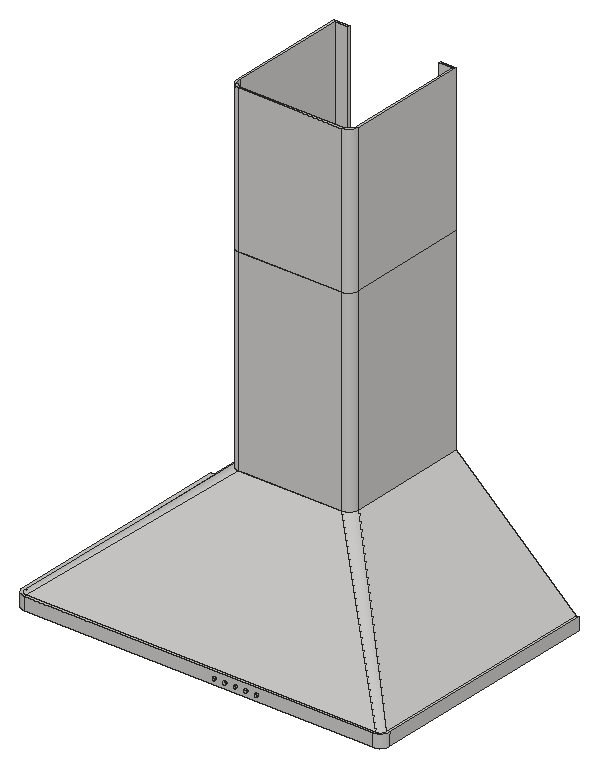
Revit family "Qf_Summit_SEH3630SS_30 inches Wide Wall-Mounted Range Hood", category Specialty Equipment, Revit 2020
Family settings
  Round Connector Dimension = Use Diameter
  Part Type = Normal
  Work Plane-Based = No
  Always vertical = Yes
  Cut with Voids When Loaded = No
  Shared = No
  Room Calculation Point = No
Parameters
  Weight in Pounds = 47
  Watts = FL Amps * Volts  # 299 W
  Volts = 115 V
  Ventilation Remarks = ""
  URL Cutsheet = ""
  Specification by User = ""
  Specification by Manufacturer = ""
  Show Clearance [instance] = yes
  Show Casters [instance] = yes
  Serial Number = ""
  Seismic Rating = ""
  SMACNA No = ""
  Revision Code = ""
  Phase = 1
  Number of Poles = 1
  NAFEM Spec ID Number = ""
  Model = "SEH3630SS"
  Min Ckt Ampacity = 0 A
  Max Overcurrent Protection = 0 A
  Masterspec = ""
  Manufacturer = "Summit"
  Length = 29 1/2"
  Item Number = ""
  Installed By = ""
  Identify Quantity as Lot = yes
  Height = 37"
  HP = ""
  Furnished By = ""
  Foodservice Equipment Identifier = yes
  FL Amps = 2.6 A
  Exhaust Volume = 200 CFM
  Exhaust Vent Width = 9 3/4"
  Exhaust Vent Diameter = 0"
  Exhaust Vent Depth = 10 1/2"
  Exhaust Static Press = 0.00 in-wg
  Exhaust RI Height = 0"
  Electrical Remarks = ""
  Electric Connection Type = ""
  Elec Conn RI Height = 0"
  Elec Conn Connection Height = 0"
  Description = "30\" Wide Wall-Mounted Range Hood"
  Depth = 19 11/16"
  Default Elevation = 0"
  Cycle = 60 Hz
  Conn Plug = ""
  Conn Conduit = yes
  CSI MasterFormat = ""
  Base Height [instance] = 3/4"
  Apparent Power = 828 VA
Reference planes (in)
  plane 1: z = 0
  plane 2 "LEFT": x = 0
  plane 3 "RIGHT": x = 29.5
  plane 4 "FRONT": y = -20.4375
  plane 5 "TOP": z = 37
  plane 6 "Center Y": x = 14.75
  plane 7 "Center X": y = -10.59375
  plane 8 "BACK": y = -0.75
  plane 9: z = 25.25
  plane 10: z = 9.5
  plane 11: y = -11.25
  plane 12: x = 9.875
  plane 13: x = 19.625
  plane 14: z = 1
Forms (in)
  Extrusion 1, solid, material "QF_Metal_Stainless_Polished"
    sketch origin (0, 0, 0) x (1, 0, 0) y (0, 1, 0)
      loop
        line (9.875, -0.75) -> (9.875, -10.5)
        arc (9.875, -10.5) -> (10.09467, -11.03033) -> (10.625, -11.25) r 0.75
        line (10.625, -11.25) -> (18.875, -11.25)
        arc (18.875, -11.25) -> (19.40533, -11.03033) -> (19.625, -10.5) r 0.75
        line (19.625, -10.5) -> (19.625, -0.75) -> (18.39649, -0.75) -> (18.39649, -0.875) -> (19.5, -0.875) -> (19.5, -10.375)
        arc (19.5, -10.375) -> (19.28033, -10.90533) -> (18.75, -11.125) r 0.75
        line (18.75, -11.125) -> (10.75, -11.125)
        arc (10.75, -11.125) -> (10.21967, -10.90533) -> (10, -10.375) r 0.75
        line (10, -10.375) -> (10, -0.875) -> (11.10351, -0.875) -> (11.10351, -0.75) -> (9.875, -0.75)
    from 25.25 to 37
  Extrusion 2, solid, material "QF_Metal_Stainless_Polished"
    sketch origin (0, 0, 51) x (0, -1, 0) y (1, 0, 0)
      loop
        line (0.75, 9.875) -> (10.5, 9.875)
        arc (10.5, 9.875) -> (11.03033, 10.09467) -> (11.25, 10.625) r 0.75
        line (11.25, 10.625) -> (11.25, 18.875)
        arc (11.25, 18.875) -> (11.03033, 19.40533) -> (10.5, 19.625) r 0.75
        line (10.5, 19.625) -> (0.75, 19.625) -> (0.75, 9.875)
    from -41.5 to -25.75
  Blend 3, solid, material "QF_Metal_Stainless_Polished"
    base sketch origin (0, 0, 0) x (1, 0, 0) y (0, 1, 0)
      loop
        line (0.25, -0.75) -> (0.25, -19.6875)
        arc (0.25, -19.6875) -> (0.39645, -20.04105) -> (0.75, -20.1875) r 0.5
        line (0.75, -20.1875) -> (28.75, -20.1875)
        arc (28.75, -20.1875) -> (29.10355, -20.04105) -> (29.25, -19.6875) r 0.5
        line (29.25, -19.6875) -> (29.25, -0.75) -> (0.25, -0.75)
    top sketch origin (0, 0, 0) x (1, 0, 0) y (0, 1, 0)
      loop
        line (9.875, -0.75) -> (9.875, -10.5)
        arc (9.875, -10.5) -> (10.09467, -11.03033) -> (10.625, -11.25) r 0.75
        line (10.625, -11.25) -> (18.875, -11.25)
        arc (18.875, -11.25) -> (19.40533, -11.03033) -> (19.625, -10.5) r 0.75
        line (19.625, -10.5) -> (19.625, -0.75) -> (9.875, -0.75)
    from 1 to 9.5
  Extrusion 4, solid, material "QF_Metal_Stainless_Polished"
    sketch origin (0, 0, 0) x (1, 0, 0) y (0, 1, 0)
      loop
        line (0, -0.75) -> (0, -19.6875)
        arc (0, -19.6875) -> (0.21967, -20.21783) -> (0.75, -20.4375) r 0.75
        line (0.75, -20.4375) -> (28.75, -20.4375)
        arc (28.75, -20.4375) -> (29.28033, -20.21783) -> (29.5, -19.6875) r 0.75
        line (29.5, -19.6875) -> (29.5, -0.75) -> (0, -0.75)
      loop
        line (2, -18.4375) -> (27.5, -18.4375) -> (27.5, -2.75) -> (2, -2.75) -> (2, -18.4375)
      loop
        line (2.0625, -15.4375) -> (6.3125, -15.4375) -> (6.3125, -13.9375) -> (10.25, -13.9375) -> (10.25, -15.4375) -> (14.4375, -15.4375) -> (14.4375, -2.8125) -> (2.0625, -2.8125) -> (2.0625, -15.4375)
      loop
        line (27.4375, -15.4375) -> (27.4375, -2.8125) -> (15.0625, -2.8125) -> (15.0625, -15.4375) -> (19.25, -15.4375) -> (19.25, -13.9375) -> (23.1875, -13.9375) -> (23.1875, -15.4375) -> (27.4375, -15.4375)
      loop
        line (1.9375, -18.5) -> (27.5625, -18.5) -> (27.5625, -2.6875) -> (1.9375, -2.6875) -> (1.9375, -18.5)
    from 0 to 1
  Extrusion 5, solid, material "QF_Metal_Stainless_Polished"
    sketch origin (9.875, -0.75, 51) x (1, 0, 0) y (0, 0, -1)
      loop
        circle (5, 40.41486) r 0.25
    from 0 to 0.06876
  Extrusion 6, solid, material "QF_Metal_Stainless_Polished"
    sketch origin (28.75, -20.4375, 0) x (-1, 0, 0) y (0, 0, -1)
      loop
        circle (11.03125, -0.47403) r 0.11743
      loop
        circle (10.1869, -0.47403) r 0.11743
      loop
        circle (11.8756, -0.47403) r 0.11743
      loop
        circle (12.71994, -0.47403) r 0.11743
      loop
        circle (9.34256, -0.47403) r 0.11743
    from 0 to 0.08308
  Extrusion 7, solid, material "QF_Plastic_White_Smooth"
    sketch origin (0, 0, 0) x (1, 0, 0) y (0, 1, 0)
      loop
        line (6.3125, -15.4375) -> (6.3125, -13.9375) -> (10.25, -13.9375) -> (10.25, -15.4375) -> (14.4375, -15.4375) -> (14.4375, -2.8125) -> (2.0625, -2.8125) -> (2.0625, -15.4375) -> (6.3125, -15.4375)
      loop
        line (15.0625, -15.4375) -> (19.25, -15.4375) -> (19.25, -13.9375) -> (23.1875, -13.9375) -> (23.1875, -15.4375) -> (27.4375, -15.4375) -> (27.4375, -2.8125) -> (15.0625, -2.8125) -> (15.0625, -15.4375)
    from 0 to 1
Cuts and joins
  joined: Extrusion 2, Extrusion 5
Lines and regions (in)
  Split face 1
    outline origin (0, 0, 0) x (1, 0, 0) y (0, 1, 0)
      loop
        line (12.5, -16.38713) -> (12.5, -17.69963) -> (17, -17.69963) -> (17, -16.38713) -> (12.5, -16.38713)
  Split face 2
    outline origin (-6.5, 0, 0) x (1, 0, 0) y (0, 1, 0)
      loop
        line (13.23455, -14.21692) -> (13.23455, -15.35464) -> (16.23455, -15.35464) -> (16.23455, -14.21692) -> (13.23455, -14.21692)
  Split face 3
    outline origin (36, 0, 0) x (-1, 0, 0) y (0, -1, 0)
      loop
        line (13.23455, 14.21692) -> (16.23455, 14.21692) -> (16.23455, 15.35464) -> (13.23455, 15.35464) -> (13.23455, 14.21692)
  Split face 4
    outline origin (-6.5, 13, 0) x (1, 0, 0) y (0, 1, 0)
      loop
        spline (15.98455, -14.71692) -> (15.94195, -14.49651) -> (15.81708, -14.29113) -> (15.61843, -14.11476) -> (15.35955, -13.97943) -> (15.05807, -13.89436) -> (14.73455, -13.86534) -> (14.41102, -13.89436) -> (14.10955, -13.97943) -> (13.85066, -14.11476) -> (13.65201, -14.29113) -> (13.52714, -14.49651) -> (13.48455, -14.71692)
        spline (13.48455, -14.71692) -> (13.52714, -14.93732) -> (13.65201, -15.1427) -> (13.85066, -15.31907) -> (14.10955, -15.4544) -> (14.41102, -15.53947) -> (14.73455, -15.56849) -> (15.05807, -15.53947) -> (15.35955, -15.4544) -> (15.61843, -15.31907) -> (15.81708, -15.1427) -> (15.94195, -14.93732) -> (15.98455, -14.71692)
  Split face 5
    outline origin (36, -13, 0) x (-1, 0, 0) y (0, -1, 0)
      loop
        spline (15.98455, -11.28308) -> (15.94195, -11.06268) -> (15.81708, -10.8573) -> (15.61843, -10.68093) -> (15.35955, -10.5456) -> (15.05807, -10.46053) -> (14.73455, -10.43151) -> (14.41102, -10.46053) -> (14.10955, -10.5456) -> (13.85066, -10.68093) -> (13.65201, -10.8573) -> (13.52714, -11.06268) -> (13.48455, -11.28308)
        spline (13.48455, -11.28308) -> (13.52714, -11.50349) -> (13.65201, -11.70887) -> (13.85066, -11.88524) -> (14.10955, -12.02057) -> (14.41102, -12.10564) -> (14.73455, -12.13466) -> (15.05807, -12.10564) -> (15.35955, -12.02057) -> (15.61843, -11.88524) -> (15.81708, -11.70887) -> (15.94195, -11.50349) -> (15.98455, -11.28308)
  symbolic lines, style "QF_Clearances_Door_Drawer"
    curve 1: arc (28.75, -20.4375, 0) -> (29.28033, -20.21783, 0) -> (29.5, -19.6875, 0) r 0.75
  symbolic lines
    curve 2: line (0.25, -19.6875, 0) -> (0.25, -0.75, 0)
    curve 3: line (0.25, -0.75, 0) -> (29.25, -0.75, 0)
    curve 4: line (29.25, -0.75, 0) -> (29.25, -19.6875, 0)
    curve 5: arc (29.25, -19.6875, 0) -> (29.10355, -20.04105, 0) -> (28.75, -20.1875, 0) r 0.5
    curve 6: line (28.75, -20.1875, 0) -> (0.75, -20.1875, 0)
    curve 7: arc (0.75, -20.1875, 0) -> (0.39645, -20.04105, 0) -> (0.25, -19.6875, 0) r 0.5
    curve 8: line (0, -0.75, 0) -> (0, -19.6875, 0)
    curve 9: arc (0, -19.6875, 0) -> (0.21967, -20.21783, 0) -> (0.75, -20.4375, 0) r 0.75
    curve 10: line (0.75, -20.4375, 0) -> (28.75, -20.4375, 0)
    curve 11: arc (28.75, -20.4375, 0) -> (29.28033, -20.21783, 0) -> (29.5, -19.6875, 0) r 0.75
    curve 12: line (29.5, -19.6875, 0) -> (29.5, -0.75, 0)
    curve 13: line (29.5, -0.75, 0) -> (0, -0.75, 0)
    curve 14: line (9.875, -0.75, 0) -> (9.875, -10.5, 0)
    curve 15: arc (9.875, -10.5, 0) -> (10.09467, -11.03033, 0) -> (10.625, -11.25, 0) r 0.75
    curve 16: line (10.625, -11.25, 0) -> (18.875, -11.25, 0)
    curve 17: arc (18.875, -11.25, 0) -> (19.40533, -11.03033, 0) -> (19.625, -10.5, 0) r 0.75
    curve 18: line (19.625, -10.5, 0) -> (19.625, -0.75, 0)
    curve 19: line (19.625, -0.75, 0) -> (18.39649, -0.75, 0)
    curve 20: line (18.39649, -0.75, 0) -> (18.39649, -0.875, 0)
    curve 21: line (18.39649, -0.875, 0) -> (19.5, -0.875, 0)
    curve 22: line (19.5, -0.875, 0) -> (19.5, -10.375, 0)
    curve 23: arc (19.5, -10.375, 0) -> (19.28033, -10.90533, 0) -> (18.75, -11.125, 0) r 0.75
    curve 24: line (18.75, -11.125, 0) -> (10.75, -11.125, 0)
    curve 25: arc (10.75, -11.125, 0) -> (10.21967, -10.90533, 0) -> (10, -10.375, 0) r 0.75
    curve 26: line (10, -10.375, 0) -> (10, -0.875, 0)
    curve 27: line (10, -0.875, 0) -> (11.10351, -0.875, 0)
    curve 28: line (11.10351, -0.875, 0) -> (11.10351, -0.75, 0)
    curve 29: line (11.10351, -0.75, 0) -> (9.875, -0.75, 0)
Dimensions and locks (in)
  equal spacing: plane 2 "LEFT", plane 6 "Center Y", plane 3 "RIGHT"
  "Length": plane 2 "LEFT" to plane 3 "RIGHT"
  equal spacing: plane 4 "FRONT", plane 7 "Center X", plane 8 "BACK"
  "Height": plane 5 "TOP" to level
  plane 3 "RIGHT" to plane 2 "LEFT" = 29 1/2"
  plane 5 "TOP" to level = 37"
  "Depth": plane 4 "FRONT" to plane 8 "BACK"
  plane 9 to plane 10 to level = 15 3/4", 9 1/2"
  plane 8 "BACK" to plane 11 = 10 1/2"
  plane 12 to plane 13 = 9 3/4"
  locked: plane 14 to level at 1
  equal spacing: plane 12, plane 6 "Center Y", plane 13, locked at 4.875 each
  aligned and locked: level to plane 1
  aligned and locked: plane 5 "TOP" to Extrusion 1
  aligned and locked: Extrusion 1 to plane 9
  aligned and locked: Extrusion 2 to plane 10
  aligned and locked: plane 9 to Extrusion 2
  aligned and locked: Extrusion 4 to Blend 3
  aligned and locked: plane 10 to Blend 3
  aligned and locked: Extrusion 7 to plane 14
Automatic sketch dimensions
  curve 1 to curve 5 = 0"  (x2)
  curve 1 to curve 11 = 0"  (x2)
  curve 5 to curve 11 = 0"  (x2)
  curve 7 to curve 9 = 0"  (x2)
  curve 8 to plane 2 "LEFT" = 0"
  plane 8 "BACK" to curve 3 = 0"
  plane 4 "FRONT" to curve 9 = 0"
  curve 15 to plane 12 = 0"
  curve 16 to plane 11 = 0"
  plane 8 "BACK" to curve 29 = 0"
  plane 8 "BACK" to curve 19 = 0"
  curve 18 to plane 13 = 0"
  curve 12 to plane 3 "RIGHT" = 0"
  plane 8 "BACK" to curve 8 = 0"
  plane 2 "LEFT" to curve 3 = 1/4"
  plane 2 "LEFT" to curve 10 = 3/4"
  curve 26 to plane 12 = 1/8"
  curve 16 to plane 12 = 3/4"
  curve 15 to curve 25 = 1/8"
  plane 8 "BACK" to curve 28 = 1/8"
  curve 26 to curve 28 = 1.10351"
  curve 19 to plane 13 = 1.22851"
  plane 11 to curve 24 = 1/8"
  curve 24 to plane 13 = 7/8"
  curve 24 to curve 16 = 1/8"
  curve 22 to plane 13 = 1/8"
  curve 6 to curve 4 = 1/2"
  plane 8 "BACK" to curve 20 = 1/8"
  Extrusion 1 sketch curve to plane 12 = 0"
  Extrusion 1 sketch curve to plane 11 = 0"
  plane 8 "BACK" to Extrusion 1 sketch curve = 0"  (x2)
  Extrusion 1 sketch curve to plane 13 = 0"
  Extrusion 1 sketch curve to plane 12 = 1/8"
  Extrusion 1 sketch curve to plane 12 = 3/4"
  Extrusion 1 sketch curve to Extrusion 1 sketch curve = 1/8"  (x2)
  Extrusion 1 sketch curve to Extrusion 1 sketch curve = 1.10351"
  plane 8 "BACK" to Extrusion 1 sketch curve = 1/8"  (x2)
  Extrusion 1 sketch curve to plane 13 = 1.22851"
  plane 11 to Extrusion 1 sketch curve = 1/8"
  Extrusion 1 sketch curve to plane 13 = 7/8"
  Extrusion 1 sketch curve to plane 13 = 1/8"
  plane 8 "BACK" to Extrusion 2 sketch curve = 0"
  Extrusion 2 sketch curve to plane 12 = 0"
  Extrusion 2 sketch curve to plane 13 = 0"
  Extrusion 2 sketch curve to plane 11 = 0"
  plane 7 "Center X" to Extrusion 2 sketch curve = 3/32"  (x2)
  plane 8 "BACK" to Blend 3 sketch curve = 0"  (x2)
  plane 2 "LEFT" to Blend 3 sketch curve = 1/4"
  Blend 3 sketch curve to Blend 3 sketch curve = 1/2"
  Blend 3 sketch curve to plane 4 "FRONT" = 1/4"
  plane 3 "RIGHT" to Blend 3 sketch curve = 3/4"
  plane 3 "RIGHT" to Blend 3 sketch curve = 1/4"
  Blend 3 sketch curve to plane 12 = 0"
  Blend 3 sketch curve to plane 11 = 0"
  Blend 3 sketch curve to plane 13 = 0"
  plane 7 "Center X" to Blend 3 sketch curve = 3/32"  (x2)
  Extrusion 4 sketch curve to plane 2 "LEFT" = 0"
  plane 4 "FRONT" to Extrusion 4 sketch curve = 0"
  Extrusion 4 sketch curve to plane 3 "RIGHT" = 0"
  plane 8 "BACK" to Extrusion 4 sketch curve = 0"
  Extrusion 4 sketch curve to Extrusion 4 sketch curve = 3/4"
  plane 2 "LEFT" to Extrusion 4 sketch curve = 1 15/16"
  Extrusion 4 sketch curve to Extrusion 4 sketch curve = 1/16"  (x5)
  plane 2 "LEFT" to Extrusion 4 sketch curve = 2 1/16"
  plane 12 to Extrusion 4 sketch curve = 3 9/16"
  Extrusion 4 sketch curve to plane 12 = 3/8"
  Extrusion 4 sketch curve to plane 6 "Center Y" = 5/16"
  plane 6 "Center Y" to Extrusion 4 sketch curve = 5/16"
  Extrusion 4 sketch curve to plane 13 = 3/8"
  plane 13 to Extrusion 4 sketch curve = 3 9/16"
  plane 3 "RIGHT" to Extrusion 4 sketch curve = 2 1/16"
  plane 3 "RIGHT" to Extrusion 4 sketch curve = 2"
  plane 3 "RIGHT" to Extrusion 4 sketch curve = 3/4"
  Extrusion 4 sketch curve to Extrusion 4 sketch curve = 1 3/16"
  Extrusion 4 sketch curve to plane 11 = 4 3/16"  (x2)
  Extrusion 4 sketch curve to Extrusion 4 sketch curve = 0"  (x3)
  Extrusion 4 sketch curve to Extrusion 4 sketch curve = 1 1/2"  (x2)
  plane 8 "BACK" to Extrusion 4 sketch curve = 2 1/16"
  Extrusion 2 to Extrusion 5 sketch curve = 1.08514"
  Extrusion 5 sketch curve to Extrusion 2 = 4 3/4"
  Extrusion 4 to Extrusion 6 sketch curve = 0.47403"  (x5)
  Extrusion 6 sketch curve to Extrusion 4 = 9.34256"
  Extrusion 6 sketch curve to Extrusion 6 sketch curve = 0.84435"  (x4)
  plane 2 "LEFT" to Extrusion 7 sketch curve = 2 1/16"
  plane 12 to Extrusion 7 sketch curve = 3 9/16"
  Extrusion 7 sketch curve to plane 12 = 3/8"
  Extrusion 7 sketch curve to plane 6 "Center Y" = 5/16"
  plane 6 "Center Y" to Extrusion 7 sketch curve = 5/16"
  Extrusion 7 sketch curve to plane 13 = 3/8"
  plane 13 to Extrusion 7 sketch curve = 3 9/16"
  plane 3 "RIGHT" to Extrusion 7 sketch curve = 2 1/16"
  Extrusion 7 sketch curve to plane 11 = 4 3/16"  (x2)
  Extrusion 7 sketch curve to Extrusion 7 sketch curve = 0"  (x2)
  Extrusion 7 sketch curve to Extrusion 7 sketch curve = 1 1/2"  (x2)
  plane 8 "BACK" to Extrusion 7 sketch curve = 2 1/16"  (x2)
  Split face 1 sketch curve to Extrusion 4 = 0.73787"
  Extrusion 4 to Split face 1 sketch curve = 1 15/16"  (x2)
  Split face 1 sketch curve to Extrusion 4 = 0.94963"
  Extrusion 4 to Split face 2 sketch curve = 0.08286"
  Split face 2 sketch curve to Extrusion 4 = 0.42205"
  Split face 2 sketch curve to Extrusion 4 = 0.51545"
  Split face 2 sketch curve to Extrusion 4 = 0.27942"
  Extrusion 4 to Split face 3 sketch curve = 0.08286"
  Split face 3 sketch curve to Extrusion 4 = 0.42205"
  Split face 3 sketch curve to Extrusion 4 = 0.51545"
  Split face 3 sketch curve to Extrusion 4 = 0.27942"
  Split face 4 sketch curve to Extrusion 4 = 1.92205"
  Split face 4 sketch curve to Extrusion 4 = 0.96692"
  Split face 4 sketch curve to Extrusion 4 = 0.76545"
  Split face 5 sketch curve to Extrusion 4 = 1.92205"
  Split face 5 sketch curve to Extrusion 4 = 0.96692"
  Split face 5 sketch curve to Extrusion 4 = 0.76545"
  radius of Extrusion 5 sketch curve = 1/4"
  radius of Extrusion 6 sketch curve = 0.11743"  (x5)
Connectors (in)
  electrical at (14.875, -0.68124, 10.58514), driven by "Volts", driven by "Apparent Power"
    settings: on cut or joined group of Extrusion 2, Extrusion 5, index 1, voltage 115 V, apparent load 828 VA, apparent load phase1 0 VA, apparent load phase2 0 VA, apparent load phase3 0 VA, power factor 1, load classification "Other", number of poles 1, system type 30, power factor state 1, is connector primary yes, connector utility no, sub classification motor no, connector description "Electrical Inlet"
  hvac at (14.75, -5.8125, 37)
    settings: on Extrusion 1, index 2, duct flow 0 CFM, flow factor 0, pres drop 0.00 in-wg, loss coef 0, conn angle 0.00°, conn width 9 3/4", conn height 10 1/2", conn diameter 24", duct sys type 1, conn prof type 1, flow config 0, flow direction 0, loss method 0, conn ref index -1, conn util no, is conn primary yes, conn desc ""
